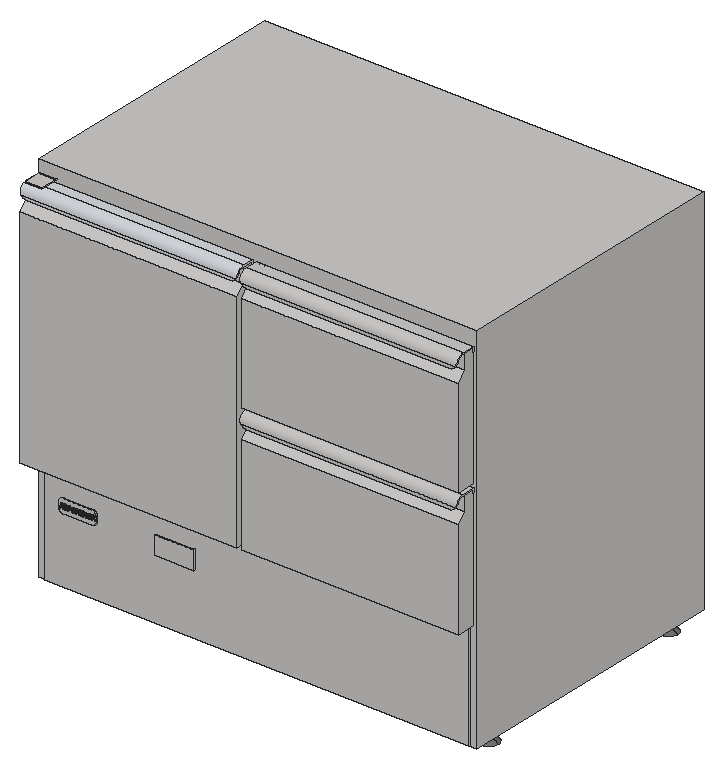
Revit family "QF_ALPENINOX_729017_ASAL25N12", category Specialty Equipment, Revit 2018 (continued)
Definition of nested family "APXST_PANEL"
  Automatic sketch dimensions
    Split face 61 sketch curve to Split face 61 sketch curve = 8 mm
    Split face 62 sketch curve to Extrusion 2 = 88.732 mm
    Split face 62 sketch curve to Extrusion 2 = 240 mm
    Split face 62 sketch curve to Split face 62 sketch curve = 50 mm
    Split face 62 sketch curve to Split face 62 sketch curve = 8 mm
    Split face 63 sketch curve to Extrusion 2 = 88.732 mm
    Split face 63 sketch curve to Extrusion 2 = 178 mm
    Split face 63 sketch curve to Split face 63 sketch curve = 50 mm
    Split face 63 sketch curve to Split face 63 sketch curve = 8 mm
    Split face 64 sketch curve to Extrusion 2 = 116 mm
    Split face 64 sketch curve to Split face 64 sketch curve = 50 mm
    Split face 64 sketch curve to Extrusion 2 = 88.732 mm
    Split face 64 sketch curve to Split face 64 sketch curve = 8 mm
    Split face 65 sketch curve to Extrusion 2 = 72.732 mm
    Split face 65 sketch curve to Extrusion 2 = 302 mm
    Split face 65 sketch curve to Split face 65 sketch curve = 50 mm
    Split face 65 sketch curve to Split face 65 sketch curve = 8 mm
    Split face 66 sketch curve to Extrusion 2 = 72.732 mm
    Split face 66 sketch curve to Extrusion 2 = 240 mm
    Split face 66 sketch curve to Split face 66 sketch curve = 50 mm
    Split face 66 sketch curve to Split face 66 sketch curve = 8 mm
    Split face 67 sketch curve to Extrusion 2 = 72.732 mm
    Split face 67 sketch curve to Extrusion 2 = 178 mm
    Split face 67 sketch curve to Split face 67 sketch curve = 50 mm
    Split face 67 sketch curve to Split face 67 sketch curve = 8 mm
    Split face 68 sketch curve to Extrusion 2 = 116 mm
    Split face 68 sketch curve to Split face 68 sketch curve = 50 mm
    Split face 68 sketch curve to Extrusion 2 = 72.732 mm
    Split face 68 sketch curve to Split face 68 sketch curve = 8 mm
    Split face 69 sketch curve to Extrusion 2 = 60.732 mm
    Split face 69 sketch curve to Extrusion 2 = 302 mm
    Split face 69 sketch curve to Split face 69 sketch curve = 50 mm
    Split face 69 sketch curve to Split face 69 sketch curve = 8 mm
    Split face 70 sketch curve to Extrusion 2 = 60.732 mm
    Split face 70 sketch curve to Extrusion 2 = 240 mm
    Split face 70 sketch curve to Split face 70 sketch curve = 50 mm
    Split face 70 sketch curve to Split face 70 sketch curve = 8 mm
    Split face 71 sketch curve to Extrusion 2 = 60.732 mm
    Split face 71 sketch curve to Extrusion 2 = 178 mm
    Split face 71 sketch curve to Split face 71 sketch curve = 50 mm
    Split face 71 sketch curve to Split face 71 sketch curve = 8 mm
    Split face 72 sketch curve to Extrusion 2 = 116 mm
    Split face 72 sketch curve to Split face 72 sketch curve = 50 mm
    Split face 72 sketch curve to Extrusion 2 = 60.732 mm
    Split face 72 sketch curve to Split face 72 sketch curve = 8 mm
    Split face 73 sketch curve to Extrusion 2 = 48.732 mm
    Split face 73 sketch curve to Extrusion 2 = 302 mm
    Split face 73 sketch curve to Split face 73 sketch curve = 50 mm
    Split face 73 sketch curve to Split face 73 sketch curve = 8 mm
    Split face 74 sketch curve to Extrusion 2 = 48.732 mm
    Split face 74 sketch curve to Extrusion 2 = 240 mm
    Split face 74 sketch curve to Split face 74 sketch curve = 50 mm
    Split face 74 sketch curve to Split face 74 sketch curve = 8 mm
    Split face 75 sketch curve to Extrusion 2 = 48.732 mm
    Split face 75 sketch curve to Extrusion 2 = 178 mm
    Split face 75 sketch curve to Split face 75 sketch curve = 50 mm
    Split face 75 sketch curve to Split face 75 sketch curve = 8 mm
    Split face 76 sketch curve to Extrusion 2 = 48.732 mm
    Split face 76 sketch curve to Extrusion 2 = 116 mm
    Split face 76 sketch curve to Split face 76 sketch curve = 50 mm
    Split face 76 sketch curve to Split face 76 sketch curve = 8 mm
    Split face 77 sketch curve to Extrusion 2 = 30 mm
    Split face 77 sketch curve to Extrusion 2 = 302 mm
    Split face 77 sketch curve to Split face 77 sketch curve = 50 mm
    Split face 77 sketch curve to Split face 77 sketch curve = 8 mm
    Split face 78 sketch curve to Extrusion 2 = 30 mm
    Split face 78 sketch curve to Extrusion 2 = 240 mm
    Split face 78 sketch curve to Split face 78 sketch curve = 50 mm
    Split face 78 sketch curve to Split face 78 sketch curve = 8 mm
    Split face 79 sketch curve to Extrusion 2 = 30 mm
    Split face 79 sketch curve to Extrusion 2 = 178 mm
    Split face 79 sketch curve to Split face 79 sketch curve = 50 mm
    Split face 79 sketch curve to Split face 79 sketch curve = 8 mm
    Split face 80 sketch curve to Extrusion 2 = 30 mm
    Split face 80 sketch curve to Extrusion 2 = 116 mm
    Split face 80 sketch curve to Split face 80 sketch curve = 50 mm
    Split face 80 sketch curve to Split face 80 sketch curve = 8 mm
    Split face 81 sketch curve to Extrusion 2 = 18 mm
    Split face 81 sketch curve to Extrusion 2 = 302 mm
    Split face 81 sketch curve to Split face 81 sketch curve = 50 mm
    Split face 81 sketch curve to Split face 81 sketch curve = 8 mm
    Split face 82 sketch curve to Extrusion 2 = 18 mm
    Split face 82 sketch curve to Extrusion 2 = 240 mm
    Split face 82 sketch curve to Split face 82 sketch curve = 50 mm
    Split face 82 sketch curve to Split face 82 sketch curve = 8 mm
    Split face 83 sketch curve to Extrusion 2 = 18 mm
    Split face 83 sketch curve to Extrusion 2 = 178 mm
    Split face 83 sketch curve to Split face 83 sketch curve = 50 mm
    Split face 83 sketch curve to Split face 83 sketch curve = 8 mm
    Split face 84 sketch curve to Extrusion 2 = 18 mm
    Split face 84 sketch curve to Extrusion 2 = 116 mm
    Split face 84 sketch curve to Split face 84 sketch curve = 50 mm
    Split face 84 sketch curve to Split face 84 sketch curve = 8 mm
    Split face 85 sketch curve to Extrusion 2 = 6 mm
    Split face 85 sketch curve to Extrusion 2 = 302 mm
    Split face 85 sketch curve to Split face 85 sketch curve = 50 mm
    Split face 85 sketch curve to Split face 85 sketch curve = 8 mm
    Split face 86 sketch curve to Extrusion 2 = 6 mm
    Split face 86 sketch curve to Extrusion 2 = 240 mm
    Split face 86 sketch curve to Split face 86 sketch curve = 50 mm
    Split face 86 sketch curve to Split face 86 sketch curve = 8 mm
    Split face 87 sketch curve to Extrusion 2 = 6 mm
    Split face 87 sketch curve to Extrusion 2 = 178 mm
    Split face 87 sketch curve to Split face 87 sketch curve = 50 mm
    Split face 87 sketch curve to Split face 87 sketch curve = 8 mm
    Split face 88 sketch curve to Extrusion 2 = 6 mm
    Split face 88 sketch curve to Extrusion 2 = 116 mm
    Split face 88 sketch curve to Split face 88 sketch curve = 50 mm
    Split face 88 sketch curve to Split face 88 sketch curve = 8 mm
    Split face 89 sketch curve to Extrusion 2 = 54 mm
    Split face 89 sketch curve to Extrusion 2 = 4 mm
    Split face 89 sketch curve to Extrusion 2 = 80.268 mm
    Split face 89 sketch curve to Split face 89 sketch curve = 8 mm
    Split face 90 sketch curve to Extrusion 2 = 54 mm
    Split face 90 sketch curve to Extrusion 2 = 4 mm
    Split face 90 sketch curve to Extrusion 2 = 92.268 mm
    Split face 90 sketch curve to Split face 90 sketch curve = 8 mm
    Split face 91 sketch curve to Extrusion 2 = 54 mm
    Split face 91 sketch curve to Extrusion 2 = 4 mm
    Split face 91 sketch curve to Extrusion 2 = 104.268 mm
    Split face 91 sketch curve to Split face 91 sketch curve = 8 mm
    Split face 92 sketch curve to Extrusion 2 = 54 mm
    Split face 92 sketch curve to Extrusion 2 = 4 mm
    Split face 92 sketch curve to Extrusion 2 = 112.732 mm
    Split face 92 sketch curve to Split face 92 sketch curve = 8 mm
    Split face 93 sketch curve to Extrusion 2 = 54 mm
    Split face 93 sketch curve to Extrusion 2 = 4 mm
    Split face 93 sketch curve to Extrusion 2 = 100.732 mm
    Split face 93 sketch curve to Split face 93 sketch curve = 8 mm
    Split face 94 sketch curve to Extrusion 2 = 54 mm
    Split face 94 sketch curve to Extrusion 2 = 4 mm
    Split face 94 sketch curve to Extrusion 2 = 88.732 mm
    Split face 94 sketch curve to Split face 94 sketch curve = 8 mm
    Split face 95 sketch curve to Extrusion 2 = 54 mm
    Split face 95 sketch curve to Extrusion 2 = 4 mm
    Split face 95 sketch curve to Extrusion 2 = 72.732 mm
    Split face 95 sketch curve to Split face 95 sketch curve = 8 mm
    Split face 96 sketch curve to Extrusion 2 = 54 mm
    Split face 96 sketch curve to Extrusion 2 = 4 mm
    Split face 96 sketch curve to Extrusion 2 = 60.732 mm
    Split face 96 sketch curve to Split face 96 sketch curve = 8 mm
    Split face 97 sketch curve to Extrusion 2 = 54 mm
    Split face 97 sketch curve to Extrusion 2 = 4 mm
    Split face 97 sketch curve to Extrusion 2 = 48.732 mm
    Split face 97 sketch curve to Split face 97 sketch curve = 8 mm
    Split face 98 sketch curve to Extrusion 2 = 54 mm
    Split face 98 sketch curve to Extrusion 2 = 4 mm
    Split face 98 sketch curve to Extrusion 2 = 30 mm
    Split face 98 sketch curve to Split face 98 sketch curve = 8 mm
    Split face 99 sketch curve to Extrusion 2 = 18 mm
    Split face 99 sketch curve to Extrusion 2 = 54 mm
    Split face 99 sketch curve to Extrusion 2 = 4 mm
    Split face 99 sketch curve to Split face 99 sketch curve = 8 mm
    Split face 100 sketch curve to Extrusion 2 = 6 mm
    Split face 100 sketch curve to Extrusion 2 = 54 mm
    Split face 100 sketch curve to Extrusion 2 = 4 mm
    Split face 100 sketch curve to Split face 100 sketch curve = 8 mm
    plane 4 to Extrusion 3 sketch curve = 47.328 mm
    Extrusion 3 sketch curve to Extrusion 3 sketch curve = 10 mm  (x3)
    Extrusion 3 sketch curve to Extrusion 3 sketch curve = 0 mm  (x2)
    Extrusion 3 sketch curve to Extrusion 3 sketch curve = 61.752 mm
    Extrusion 3 sketch curve to plane 1 "Center (Front/Back)" = 15.889 mm
    Extrusion 4 sketch curve to plane 1 "Center (Front/Back)" = 45.889 mm
    Extrusion 4 sketch curve to plane 3 "Center (Left/Right)" = 219 mm
    Extrusion 4 sketch curve to plane 1 "Center (Front/Back)" = 5.889 mm
    Extrusion 4 sketch curve to Extrusion 4 sketch curve = 84.976 mm
    Split face 101 sketch curve to Extrusion 4 = 3 mm
    Split face 101 sketch curve to Extrusion 4 = 5 mm  (x2)
    Split face 101 sketch curve to Extrusion 4 = 24 mm
    Split face 102 sketch curve to Extrusion 4 = 5 mm
    Split face 102 sketch curve to Extrusion 4 = 10 mm
    Split face 102 sketch curve to Extrusion 4 = 2 mm
    Split face 102 sketch curve to Split face 102 sketch curve = 12 mm
    Split face 103 sketch curve to Extrusion 4 = 5 mm
    Split face 103 sketch curve to Extrusion 4 = 20 mm
    Split face 103 sketch curve to Split face 103 sketch curve = 8 mm
    Split face 103 sketch curve to Split face 103 sketch curve = 12 mm
    Split face 104 sketch curve to Extrusion 4 = 10 mm
    Split face 104 sketch curve to Extrusion 4 = 2 mm
    Split face 104 sketch curve to Extrusion 4 = 5 mm
    Split face 104 sketch curve to Split face 104 sketch curve = 12 mm
    Split face 105 sketch curve to Extrusion 4 = 20 mm
    Split face 105 sketch curve to Split face 105 sketch curve = 8 mm
    Split face 105 sketch curve to Extrusion 4 = 5 mm
    Split face 105 sketch curve to Split face 105 sketch curve = 12 mm
    plane 4 to Extrusion 5 sketch curve = 50.025 mm
    Extrusion 5 sketch curve to Extrusion 5 sketch curve = 0.974 mm
    Extrusion 5 sketch curve to plane 1 "Center (Front/Back)" = 26.425 mm
    Extrusion 5 sketch curve to Extrusion 5 sketch curve = 1.005 mm
    Extrusion 5 sketch curve to Extrusion 5 sketch curve = 0.438 mm
    Extrusion 5 sketch curve to Extrusion 5 sketch curve = 0.456 mm
    Extrusion 5 sketch curve to Extrusion 5 sketch curve = 0.615 mm
    Extrusion 5 sketch curve to Extrusion 5 sketch curve = 1.531 mm  (x2)
    Extrusion 5 sketch curve to Extrusion 5 sketch curve = 0.003 mm
    Extrusion 5 sketch curve to Extrusion 5 sketch curve = 2.719 mm
    Extrusion 5 sketch curve to plane 1 "Center (Front/Back)" = 34.879 mm
    Extrusion 5 sketch curve to Extrusion 5 sketch curve = 0.642 mm
    Extrusion 5 sketch curve to plane 1 "Center (Front/Back)" = 26.44 mm
    Extrusion 5 sketch curve to Extrusion 5 sketch curve = 0.431 mm
    Extrusion 5 sketch curve to Extrusion 5 sketch curve = 0.976 mm
    Extrusion 5 sketch curve to plane 1 "Center (Front/Back)" = 27.162 mm
    Extrusion 5 sketch curve to Extrusion 5 sketch curve = 0.941 mm
    Extrusion 5 sketch curve to Extrusion 5 sketch curve = 1.034 mm
    Extrusion 5 sketch curve to Extrusion 5 sketch curve = 1.072 mm  (x2)
    Extrusion 5 sketch curve to Extrusion 5 sketch curve = 1.163 mm
    Extrusion 5 sketch curve to Extrusion 5 sketch curve = 2.546 mm
    Extrusion 5 sketch curve to Extrusion 5 sketch curve = 4.494 mm
    Extrusion 5 sketch curve to Extrusion 5 sketch curve = 1.107 mm
    Extrusion 5 sketch curve to Extrusion 5 sketch curve = 0 mm  (x15)
    Extrusion 5 sketch curve to Extrusion 5 sketch curve = 1.463 mm
    Extrusion 5 sketch curve to Extrusion 5 sketch curve = 0.04 mm
    Extrusion 5 sketch curve to Extrusion 5 sketch curve = 1.589 mm
    Extrusion 5 sketch curve to Extrusion 5 sketch curve = 0.498 mm
    Extrusion 5 sketch curve to Extrusion 5 sketch curve = 6.215 mm
    Extrusion 5 sketch curve to Extrusion 5 sketch curve = 0.056 mm
    Extrusion 5 sketch curve to Extrusion 5 sketch curve = 2.255 mm
    Extrusion 5 sketch curve to Extrusion 5 sketch curve = 0.164 mm
    Extrusion 5 sketch curve to Extrusion 5 sketch curve = 0.02 mm
    Extrusion 5 sketch curve to Extrusion 5 sketch curve = 0.202 mm
    Extrusion 5 sketch curve to Extrusion 5 sketch curve = 0.397 mm
    Extrusion 5 sketch curve to Extrusion 5 sketch curve = 0.274 mm
    Extrusion 5 sketch curve to Extrusion 5 sketch curve = 0.298 mm
    Extrusion 5 sketch curve to Extrusion 5 sketch curve = 0.229 mm
    Extrusion 5 sketch curve to Extrusion 5 sketch curve = 1.601 mm
    Extrusion 5 sketch curve to Extrusion 5 sketch curve = 1.897 mm
    Extrusion 5 sketch curve to Extrusion 5 sketch curve = 0.463 mm
    Extrusion 5 sketch curve to Extrusion 5 sketch curve = 0.785 mm
    Extrusion 5 sketch curve to Extrusion 5 sketch curve = 0.73 mm
    Extrusion 5 sketch curve to Extrusion 5 sketch curve = 1.329 mm
    Extrusion 5 sketch curve to Extrusion 5 sketch curve = 0.121 mm  (x2)
    Extrusion 5 sketch curve to Extrusion 5 sketch curve = 2.316 mm
    Extrusion 5 sketch curve to Extrusion 5 sketch curve = 1.074 mm  (x2)
    Extrusion 5 sketch curve to Extrusion 5 sketch curve = 1.091 mm  (x2)
    Extrusion 5 sketch curve to plane 1 "Center (Front/Back)" = 35.501 mm  (x2)
    Extrusion 5 sketch curve to Extrusion 5 sketch curve = 0.885 mm  (x2)
    Extrusion 5 sketch curve to Extrusion 5 sketch curve = 4.392 mm  (x2)
    Extrusion 5 sketch curve to plane 1 "Center (Front/Back)" = 26.171 mm  (x4)
    Extrusion 5 sketch curve to Extrusion 5 sketch curve = 0.172 mm  (x2)
    Extrusion 5 sketch curve to Extrusion 5 sketch curve = 0.884 mm  (x2)
    Extrusion 5 sketch curve to Extrusion 5 sketch curve = 1.073 mm  (x3)
    Extrusion 5 sketch curve to Extrusion 5 sketch curve = 1.341 mm
    Extrusion 5 sketch curve to Extrusion 5 sketch curve = 1.342 mm
    Extrusion 5 sketch curve to Extrusion 5 sketch curve = 5.357 mm
    Extrusion 5 sketch curve to Extrusion 5 sketch curve = 0.38 mm  (x3)
    Extrusion 5 sketch curve to Extrusion 5 sketch curve = 0.21 mm  (x2)
    Extrusion 5 sketch curve to Extrusion 5 sketch curve = 0.016 mm  (x3)
    Extrusion 5 sketch curve to Extrusion 5 sketch curve = 0.174 mm  (x2)
    Extrusion 5 sketch curve to Extrusion 5 sketch curve = 0.206 mm  (x2)
    Extrusion 5 sketch curve to Extrusion 5 sketch curve = 0.226 mm
    Extrusion 5 sketch curve to plane 1 "Center (Front/Back)" = 27.419 mm  (x2)
    Extrusion 5 sketch curve to Extrusion 5 sketch curve = 4.258 mm
    Extrusion 5 sketch curve to plane 1 "Center (Front/Back)" = 34.31 mm  (x2)
    Extrusion 5 sketch curve to Extrusion 5 sketch curve = 4.774 mm
    Extrusion 5 sketch curve to Extrusion 5 sketch curve = 0.853 mm  (x2)
    Extrusion 5 sketch curve to Extrusion 5 sketch curve = 0.852 mm  (x2)
    Extrusion 5 sketch curve to Extrusion 5 sketch curve = 0.878 mm  (x2)
    Extrusion 5 sketch curve to plane 1 "Center (Front/Back)" = 35.445 mm  (x2)
    Extrusion 5 sketch curve to Extrusion 5 sketch curve = 0.936 mm  (x2)
    Extrusion 5 sketch curve to plane 1 "Center (Front/Back)" = 31.189 mm  (x2)
    Extrusion 5 sketch curve to Extrusion 5 sketch curve = 2.318 mm
    Extrusion 5 sketch curve to plane 1 "Center (Front/Back)" = 32.95 mm
    Extrusion 5 sketch curve to Extrusion 5 sketch curve = 1.243 mm  (x3)
    Extrusion 5 sketch curve to plane 1 "Center (Front/Back)" = 29.404 mm
    Extrusion 5 sketch curve to Extrusion 5 sketch curve = 1.774 mm
    Extrusion 5 sketch curve to Extrusion 5 sketch curve = 2.346 mm
    Extrusion 5 sketch curve to Extrusion 5 sketch curve = 1.375 mm
    Extrusion 5 sketch curve to Extrusion 5 sketch curve = 0.327 mm
    Extrusion 5 sketch curve to Extrusion 5 sketch curve = 0.978 mm
    Extrusion 5 sketch curve to Extrusion 5 sketch curve = 0.043 mm
    Extrusion 5 sketch curve to Extrusion 5 sketch curve = 0.639 mm
    Extrusion 5 sketch curve to Extrusion 5 sketch curve = 1.347 mm
    Extrusion 5 sketch curve to Extrusion 5 sketch curve = 1.218 mm
    Extrusion 5 sketch curve to Extrusion 5 sketch curve = 0.864 mm
    Extrusion 5 sketch curve to Extrusion 5 sketch curve = 2.326 mm
    Extrusion 5 sketch curve to Extrusion 5 sketch curve = 2.656 mm  (x2)
    Extrusion 5 sketch curve to Extrusion 5 sketch curve = 1.957 mm
    Extrusion 5 sketch curve to Extrusion 5 sketch curve = 0.906 mm
    Extrusion 5 sketch curve to Extrusion 5 sketch curve = 2.509 mm
    Extrusion 5 sketch curve to Extrusion 5 sketch curve = 0.271 mm  (x2)
    Extrusion 5 sketch curve to Extrusion 5 sketch curve = 1.528 mm
    Extrusion 5 sketch curve to Extrusion 5 sketch curve = 0.132 mm
    Extrusion 5 sketch curve to Extrusion 5 sketch curve = 0.41 mm  (x2)
    Extrusion 5 sketch curve to Extrusion 5 sketch curve = 0.108 mm  (x4)
    Extrusion 5 sketch curve to Extrusion 5 sketch curve = 0.364 mm
    Extrusion 5 sketch curve to Extrusion 5 sketch curve = 0.238 mm  (x2)
    Extrusion 5 sketch curve to Extrusion 5 sketch curve = 0.058 mm
    Extrusion 5 sketch curve to Extrusion 5 sketch curve = 1.87 mm
    Extrusion 5 sketch curve to Extrusion 5 sketch curve = 1.532 mm
    Extrusion 5 sketch curve to Extrusion 5 sketch curve = 0.394 mm
    Extrusion 5 sketch curve to Extrusion 5 sketch curve = 0.518 mm
    Extrusion 5 sketch curve to Extrusion 5 sketch curve = 0.169 mm
    Extrusion 5 sketch curve to Extrusion 5 sketch curve = 0.299 mm
    Extrusion 5 sketch curve to Extrusion 5 sketch curve = 0.093 mm
    Extrusion 5 sketch curve to Extrusion 5 sketch curve = 0.459 mm
    Extrusion 5 sketch curve to Extrusion 5 sketch curve = 2.726 mm
    Extrusion 5 sketch curve to Extrusion 5 sketch curve = 0.524 mm
    Extrusion 5 sketch curve to Extrusion 5 sketch curve = 2.657 mm
    Extrusion 5 sketch curve to Extrusion 5 sketch curve = 1.242 mm
    Extrusion 5 sketch curve to Extrusion 5 sketch curve = 0.261 mm
    Extrusion 5 sketch curve to Extrusion 5 sketch curve = 0.995 mm
    Extrusion 5 sketch curve to Extrusion 5 sketch curve = 0.586 mm
    Extrusion 5 sketch curve to Extrusion 5 sketch curve = 0.766 mm
    Extrusion 5 sketch curve to Extrusion 5 sketch curve = 5.398 mm  (x2)
    Extrusion 5 sketch curve to Extrusion 5 sketch curve = 0.729 mm
    Extrusion 5 sketch curve to Extrusion 5 sketch curve = 2.952 mm
    Extrusion 5 sketch curve to Extrusion 5 sketch curve = 0.479 mm
    Extrusion 5 sketch curve to Extrusion 5 sketch curve = 0.832 mm
    Extrusion 5 sketch curve to Extrusion 5 sketch curve = 0.545 mm
    Extrusion 5 sketch curve to Extrusion 5 sketch curve = 0.068 mm
    Extrusion 5 sketch curve to Extrusion 5 sketch curve = 3.275 mm
    Extrusion 5 sketch curve to Extrusion 5 sketch curve = 3.343 mm  (x2)
    Extrusion 5 sketch curve to Extrusion 5 sketch curve = 1.982 mm
    Extrusion 5 sketch curve to Extrusion 5 sketch curve = 1.066 mm  (x4)
    Extrusion 5 sketch curve to Extrusion 5 sketch curve = 2.707 mm
    Extrusion 5 sketch curve to Extrusion 5 sketch curve = 1.641 mm  (x4)
    Extrusion 5 sketch curve to Extrusion 5 sketch curve = 4.31 mm
    Extrusion 5 sketch curve to Extrusion 5 sketch curve = 1.978 mm
    plane 4 to Extrusion 6 sketch curve = 50.025 mm
    Extrusion 6 sketch curve to Extrusion 6 sketch curve = 0.974 mm
    Extrusion 6 sketch curve to plane 1 "Center (Front/Back)" = 26.425 mm
    Extrusion 6 sketch curve to Extrusion 6 sketch curve = 1.005 mm
    Extrusion 6 sketch curve to Extrusion 6 sketch curve = 0.438 mm
    Extrusion 6 sketch curve to Extrusion 6 sketch curve = 0.456 mm
    Extrusion 6 sketch curve to Extrusion 6 sketch curve = 0.615 mm
    Extrusion 6 sketch curve to Extrusion 6 sketch curve = 1.531 mm  (x2)
    Extrusion 6 sketch curve to Extrusion 6 sketch curve = 0.003 mm
    Extrusion 6 sketch curve to Extrusion 6 sketch curve = 2.719 mm
    Extrusion 6 sketch curve to plane 1 "Center (Front/Back)" = 34.879 mm
    Extrusion 6 sketch curve to Extrusion 6 sketch curve = 0.642 mm
    Extrusion 6 sketch curve to plane 1 "Center (Front/Back)" = 26.44 mm
    Extrusion 6 sketch curve to Extrusion 6 sketch curve = 0.431 mm
    Extrusion 6 sketch curve to Extrusion 6 sketch curve = 0.976 mm
    Extrusion 6 sketch curve to plane 1 "Center (Front/Back)" = 27.162 mm
    Extrusion 6 sketch curve to Extrusion 6 sketch curve = 0.941 mm
    Extrusion 6 sketch curve to Extrusion 6 sketch curve = 1.034 mm
    Extrusion 6 sketch curve to Extrusion 6 sketch curve = 1.072 mm  (x2)
    Extrusion 6 sketch curve to Extrusion 6 sketch curve = 1.163 mm
    Extrusion 6 sketch curve to Extrusion 6 sketch curve = 2.546 mm
    Extrusion 6 sketch curve to Extrusion 6 sketch curve = 4.494 mm
    Extrusion 6 sketch curve to Extrusion 6 sketch curve = 1.107 mm
    Extrusion 6 sketch curve to Extrusion 6 sketch curve = 0 mm  (x15)
    Extrusion 6 sketch curve to Extrusion 6 sketch curve = 1.463 mm
    Extrusion 6 sketch curve to Extrusion 6 sketch curve = 0.04 mm
    Extrusion 6 sketch curve to Extrusion 6 sketch curve = 1.589 mm
    Extrusion 6 sketch curve to Extrusion 6 sketch curve = 0.498 mm
    Extrusion 6 sketch curve to Extrusion 6 sketch curve = 6.215 mm
    Extrusion 6 sketch curve to Extrusion 6 sketch curve = 0.056 mm
    Extrusion 6 sketch curve to Extrusion 6 sketch curve = 2.255 mm
    Extrusion 6 sketch curve to Extrusion 6 sketch curve = 0.164 mm
    Extrusion 6 sketch curve to Extrusion 6 sketch curve = 0.02 mm
    Extrusion 6 sketch curve to Extrusion 6 sketch curve = 0.202 mm
    Extrusion 6 sketch curve to Extrusion 6 sketch curve = 0.397 mm
    Extrusion 6 sketch curve to Extrusion 6 sketch curve = 0.274 mm
    Extrusion 6 sketch curve to Extrusion 6 sketch curve = 0.298 mm
    Extrusion 6 sketch curve to Extrusion 6 sketch curve = 0.229 mm
    Extrusion 6 sketch curve to Extrusion 6 sketch curve = 1.601 mm
    Extrusion 6 sketch curve to Extrusion 6 sketch curve = 1.897 mm
    Extrusion 6 sketch curve to Extrusion 6 sketch curve = 0.463 mm
    Extrusion 6 sketch curve to Extrusion 6 sketch curve = 0.785 mm
    Extrusion 6 sketch curve to Extrusion 6 sketch curve = 0.73 mm
    Extrusion 6 sketch curve to Extrusion 6 sketch curve = 1.329 mm
    Extrusion 6 sketch curve to Extrusion 6 sketch curve = 0.121 mm  (x2)
    Extrusion 6 sketch curve to Extrusion 6 sketch curve = 2.316 mm
    Extrusion 6 sketch curve to Extrusion 6 sketch curve = 1.074 mm  (x2)
    Extrusion 6 sketch curve to Extrusion 6 sketch curve = 1.091 mm  (x2)
    Extrusion 6 sketch curve to plane 1 "Center (Front/Back)" = 35.501 mm  (x2)
    Extrusion 6 sketch curve to Extrusion 6 sketch curve = 0.885 mm  (x2)
    Extrusion 6 sketch curve to Extrusion 6 sketch curve = 4.392 mm  (x2)
    Extrusion 6 sketch curve to plane 1 "Center (Front/Back)" = 26.171 mm  (x4)
    Extrusion 6 sketch curve to Extrusion 6 sketch curve = 0.172 mm  (x2)
    Extrusion 6 sketch curve to Extrusion 6 sketch curve = 0.884 mm  (x2)
    Extrusion 6 sketch curve to Extrusion 6 sketch curve = 1.073 mm  (x3)
    Extrusion 6 sketch curve to Extrusion 6 sketch curve = 1.341 mm
    Extrusion 6 sketch curve to Extrusion 6 sketch curve = 1.342 mm
    Extrusion 6 sketch curve to Extrusion 6 sketch curve = 5.357 mm
    Extrusion 6 sketch curve to Extrusion 6 sketch curve = 0.38 mm  (x3)
    Extrusion 6 sketch curve to Extrusion 6 sketch curve = 0.21 mm  (x2)
    Extrusion 6 sketch curve to Extrusion 6 sketch curve = 0.016 mm  (x3)
    Extrusion 6 sketch curve to Extrusion 6 sketch curve = 0.174 mm  (x2)
    Extrusion 6 sketch curve to Extrusion 6 sketch curve = 0.206 mm  (x2)
    Extrusion 6 sketch curve to Extrusion 6 sketch curve = 0.226 mm
    Extrusion 6 sketch curve to plane 1 "Center (Front/Back)" = 27.419 mm  (x2)
    Extrusion 6 sketch curve to Extrusion 6 sketch curve = 4.258 mm
    Extrusion 6 sketch curve to plane 1 "Center (Front/Back)" = 34.31 mm  (x2)
    Extrusion 6 sketch curve to Extrusion 6 sketch curve = 4.774 mm
    Extrusion 6 sketch curve to Extrusion 6 sketch curve = 0.853 mm  (x2)
    Extrusion 6 sketch curve to Extrusion 6 sketch curve = 0.852 mm  (x2)
    Extrusion 6 sketch curve to Extrusion 6 sketch curve = 0.878 mm  (x2)
    Extrusion 6 sketch curve to plane 1 "Center (Front/Back)" = 35.445 mm  (x2)
    Extrusion 6 sketch curve to Extrusion 6 sketch curve = 0.936 mm  (x2)
    Extrusion 6 sketch curve to plane 1 "Center (Front/Back)" = 31.189 mm  (x2)
    Extrusion 6 sketch curve to Extrusion 6 sketch curve = 2.318 mm
    Extrusion 6 sketch curve to plane 1 "Center (Front/Back)" = 32.95 mm
    Extrusion 6 sketch curve to Extrusion 6 sketch curve = 1.243 mm  (x3)
    Extrusion 6 sketch curve to plane 1 "Center (Front/Back)" = 29.404 mm
    Extrusion 6 sketch curve to Extrusion 6 sketch curve = 1.774 mm
    Extrusion 6 sketch curve to Extrusion 6 sketch curve = 2.346 mm
    Extrusion 6 sketch curve to Extrusion 6 sketch curve = 1.375 mm
    Extrusion 6 sketch curve to Extrusion 6 sketch curve = 0.327 mm
    Extrusion 6 sketch curve to Extrusion 6 sketch curve = 0.978 mm
    Extrusion 6 sketch curve to Extrusion 6 sketch curve = 0.043 mm
    Extrusion 6 sketch curve to Extrusion 6 sketch curve = 0.639 mm
    Extrusion 6 sketch curve to Extrusion 6 sketch curve = 1.347 mm
    Extrusion 6 sketch curve to Extrusion 6 sketch curve = 1.218 mm
    Extrusion 6 sketch curve to Extrusion 6 sketch curve = 0.864 mm
    Extrusion 6 sketch curve to Extrusion 6 sketch curve = 2.326 mm
    Extrusion 6 sketch curve to Extrusion 6 sketch curve = 2.656 mm  (x2)
    Extrusion 6 sketch curve to Extrusion 6 sketch curve = 1.957 mm
    Extrusion 6 sketch curve to Extrusion 6 sketch curve = 0.906 mm
    Extrusion 6 sketch curve to Extrusion 6 sketch curve = 2.509 mm
    Extrusion 6 sketch curve to Extrusion 6 sketch curve = 0.271 mm  (x2)
    Extrusion 6 sketch curve to Extrusion 6 sketch curve = 1.528 mm
    Extrusion 6 sketch curve to Extrusion 6 sketch curve = 0.132 mm
    Extrusion 6 sketch curve to Extrusion 6 sketch curve = 0.41 mm  (x2)
    Extrusion 6 sketch curve to Extrusion 6 sketch curve = 0.108 mm  (x4)
    Extrusion 6 sketch curve to Extrusion 6 sketch curve = 0.364 mm
    Extrusion 6 sketch curve to Extrusion 6 sketch curve = 0.238 mm  (x2)
    Extrusion 6 sketch curve to Extrusion 6 sketch curve = 0.058 mm
    Extrusion 6 sketch curve to Extrusion 6 sketch curve = 1.87 mm
    Extrusion 6 sketch curve to Extrusion 6 sketch curve = 1.532 mm
    Extrusion 6 sketch curve to Extrusion 6 sketch curve = 0.394 mm
    Extrusion 6 sketch curve to Extrusion 6 sketch curve = 0.518 mm
    Extrusion 6 sketch curve to Extrusion 6 sketch curve = 0.169 mm
    Extrusion 6 sketch curve to Extrusion 6 sketch curve = 0.299 mm
    Extrusion 6 sketch curve to Extrusion 6 sketch curve = 0.093 mm
    Extrusion 6 sketch curve to Extrusion 6 sketch curve = 0.459 mm
    Extrusion 6 sketch curve to Extrusion 6 sketch curve = 2.726 mm
    Extrusion 6 sketch curve to Extrusion 6 sketch curve = 0.524 mm
    Extrusion 6 sketch curve to Extrusion 6 sketch curve = 2.657 mm
    Extrusion 6 sketch curve to Extrusion 6 sketch curve = 1.242 mm
    Extrusion 6 sketch curve to Extrusion 6 sketch curve = 0.261 mm
    Extrusion 6 sketch curve to Extrusion 6 sketch curve = 0.995 mm
    Extrusion 6 sketch curve to Extrusion 6 sketch curve = 0.586 mm
    Extrusion 6 sketch curve to Extrusion 6 sketch curve = 0.766 mm
    Extrusion 6 sketch curve to Extrusion 6 sketch curve = 5.398 mm  (x2)
    Extrusion 6 sketch curve to Extrusion 6 sketch curve = 0.729 mm
    Extrusion 6 sketch curve to Extrusion 6 sketch curve = 2.952 mm
    Extrusion 6 sketch curve to Extrusion 6 sketch curve = 0.479 mm
    Extrusion 6 sketch curve to Extrusion 6 sketch curve = 0.832 mm
    Extrusion 6 sketch curve to Extrusion 6 sketch curve = 0.545 mm
    Extrusion 6 sketch curve to Extrusion 6 sketch curve = 0.068 mm
    Extrusion 6 sketch curve to Extrusion 6 sketch curve = 3.275 mm
    Extrusion 6 sketch curve to Extrusion 6 sketch curve = 3.343 mm  (x2)
    Extrusion 6 sketch curve to Extrusion 6 sketch curve = 1.982 mm
    Extrusion 6 sketch curve to Extrusion 6 sketch curve = 1.066 mm  (x4)
    Extrusion 6 sketch curve to Extrusion 6 sketch curve = 2.707 mm
    Extrusion 6 sketch curve to Extrusion 6 sketch curve = 1.641 mm  (x4)
    Extrusion 6 sketch curve to Extrusion 6 sketch curve = 4.31 mm
    Extrusion 6 sketch curve to Extrusion 6 sketch curve = 1.978 mm
    Split face 106 sketch curve to Extrusion 2 = 40.268 mm
    Split face 106 sketch curve to Extrusion 2 = 178 mm
    Split face 106 sketch curve to Split face 106 sketch curve = 50 mm
    Split face 106 sketch curve to Split face 106 sketch curve = 8 mm
    Split face 107 sketch curve to Extrusion 2 = 52.268 mm
    Split face 107 sketch curve to Extrusion 2 = 178 mm
    Split face 107 sketch curve to Split face 107 sketch curve = 50 mm
    Split face 107 sketch curve to Split face 107 sketch curve = 8 mm
    Split face 108 sketch curve to Extrusion 2 = 54 mm
    Split face 108 sketch curve to Extrusion 2 = 4 mm
    Split face 108 sketch curve to Extrusion 2 = 40.268 mm
    Split face 108 sketch curve to Split face 108 sketch curve = 8 mm
    Split face 109 sketch curve to Extrusion 2 = 54 mm
    Split face 109 sketch curve to Extrusion 2 = 4 mm
    Split face 109 sketch curve to Extrusion 2 = 52.268 mm
    Split face 109 sketch curve to Split face 109 sketch curve = 8 mm
    Split face 110 sketch curve to Extrusion 2 = 54 mm
    Split face 110 sketch curve to Extrusion 2 = 4 mm
    Split face 110 sketch curve to Extrusion 2 = 64.268 mm
    Split face 110 sketch curve to Split face 110 sketch curve = 8 mm
Definition of nested family "APXST_SD_L"
  Parameters
    Show Clearance [instance] = yes
    Default Elevation = 1219.2 mm
  Reference planes
    plane 1 "Center (Front/Back)": y = 0
    plane 2: z = 0
    plane 3 "Center (Left/Right)": x = 1
    plane 4: x = -234
    plane 5: x = 236
  Forms (mm)
    Extrusion 1, solid
      sketch origin (0, 0, 0) x (1, 0, 0) y (0, 1, 0)
        loop
          line (-399, 600) -> (-399, -455.983) -> (330.722, -455.983) -> (330.722, 600) -> (-399, 600)
      from 0 to -100.77
    Extrusion 2, solid
      sketch origin (1, 0, 10) x (0, 1, 0) y (0, 0, 1)
        loop
          line (-268.521, 0) -> (269.479, 0) -> (269.479, 22) -> (236.479, 22) -> (218.479, 40) -> (-268.521, 40) -> (-268.521, 0)
      from -235 to 235
    Extrusion 3, solid
      sketch origin (0, 0, 43.773) x (0, 1, 0) y (0, 0, 1)
        loop
          arc (252.97, 4.227) -> (264.462, -0.43) -> (269.471, -11.773) r 16.509
          line (269.471, -11.773) -> (269.479, -33.773) -> (262.43, -33.773) -> (262.43, -35.773) -> (271.479, -35.773) -> (271.479, -12.282)
          arc (271.479, -12.282) -> (266.058, 0.806) -> (252.97, 6.227) r 18.509
          line (252.97, 6.227) -> (245.597, 6.227) -> (245.597, 4.227) -> (252.97, 4.227)
      from -234 to 236
    Extrusion 4, solid
      sketch origin (-10, 588.982, 0) x (0, -1, 0) y (0, 0, 1)
        loop
          line (315.003, 40) -> (315.003, 2.948) -> (315.003, 0) -> (317.503, 0) -> (317.503, 40) -> (315.003, 40)
      from 185 to 220
    Extrusion 5, solid
      sketch origin (-5, 46.482, 0) x (0, -1, 0) y (0, 0, 1)
        loop
          line (315.003, 40) -> (315.003, 2.948) -> (315.003, 0) -> (317.503, 0) -> (317.503, 40) -> (315.003, 40)
      from 190 to 225
    Extrusion 6, solid, detail levels coarse
      sketch origin (0, 0, 0) x (1, 0, 0) y (0, 0, 1)
        loop
          line (-186.5, 50) -> (-186.5, 506) -> (-226.5, 506) -> (-226.5, 50) -> (-186.5, 50)
      from -271.479 to 268.521
    Extrusion 7, solid, detail levels coarse
      sketch origin (0, 0, 0) x (1, 0, 0) y (0, 0, 1)
        loop
          line (-186.5, 50) -> (234.337, 50)
          arc (234.337, 50) -> (115.038, 361.71) -> (-186.5, 504.784) r 448.645
          line (-186.5, 504.784) -> (-186.5, 50)
      from -271.479 to 268.521
    Extrusion 8, void
      sketch origin (0, 0, 0) x (1, 0, 0) y (0, 1, 0)
        loop
          line (236, 245.597) -> (236, 261.597)
          arc (236, 261.597) -> (231.314, 250.283) -> (220, 245.597) r 16
          line (220, 245.597) -> (236, 245.597)
        loop
          line (-234, 245.597) -> (-218, 245.597)
          arc (-218, 245.597) -> (-229.314, 250.283) -> (-234, 261.597) r 16
          line (-234, 261.597) -> (-234, 245.597)
      from 40 to 60
  Cuts and joins
    Extrusion 8 cuts Extrusion 3
    Extrusion 8 cuts Extrusion 6
  Lines and regions (mm)
    symbolic lines
      curve 1: line (236, 0, 0) -> (236, 0, 50)
      curve 2: line (-226.5, 0, 40) -> (-230, 0, 40)
      curve 3: line (-195, 0, 0) -> (-195, 0, 36)
      curve 4: line (-230, 0, 0) -> (-195, 0, 0)
      curve 5: line (-230, 0, 40) -> (-230, 0, 0)
      curve 6: line (-226.5, 0, 506) -> (-226.5, 0, 36)
      curve 7: line (-226.5, 0, 36) -> (-186.5, 0, 36)
      curve 8: line (-186.5, 0, 36) -> (-186.5, 0, 506)
      curve 9: line (-186.5, 0, 506) -> (-226.5, 0, 506)
      curve 10: arc (236, 0, 50) -> (116.144, 0, 362.68) -> (-186.5, 0, 506) r 450
  Dimensions and locks
    equal spacing: plane 4, plane 3 "Center (Left/Right)", plane 5, locked at 235 each
    aligned and locked: plane 2 to Extrusion 1
    aligned and locked: level to Extrusion 1
  Automatic sketch dimensions
    Extrusion 1 sketch curve to Extrusion 1 sketch curve = 729.722 mm
    Extrusion 1 sketch curve to Extrusion 1 sketch curve = 1055.983 mm
    level to Extrusion 2 sketch curve = 10 mm
    plane 1 "Center (Front/Back)" to Extrusion 2 sketch curve = 268.521 mm
    level to Extrusion 2 sketch curve = 50 mm
    Extrusion 2 sketch curve to plane 1 "Center (Front/Back)" = 218.479 mm
    level to Extrusion 2 sketch curve = 32 mm
    Extrusion 2 sketch curve to Extrusion 2 sketch curve = 18 mm
    Extrusion 2 sketch curve to Extrusion 2 sketch curve = 33 mm
    Extrusion 4 sketch curve to level = 0 mm
    level to Extrusion 4 sketch curve = 40 mm
    Extrusion 4 sketch curve to plane 1 "Center (Front/Back)" = 273.979 mm
    Extrusion 4 sketch curve to Extrusion 4 sketch curve = 2.5 mm
    Extrusion 4 sketch curve to Extrusion 4 sketch curve = 2.948 mm
    Extrusion 5 sketch curve to level = 0 mm
    level to Extrusion 5 sketch curve = 40 mm
    plane 1 "Center (Front/Back)" to Extrusion 5 sketch curve = 268.521 mm
    Extrusion 5 sketch curve to Extrusion 5 sketch curve = 2.5 mm
    Extrusion 5 sketch curve to Extrusion 5 sketch curve = 2.948 mm
    Extrusion 3 sketch curve to Extrusion 3 sketch curve = 0 mm  (x2)
    level to Extrusion 3 sketch curve = 50 mm
    Extrusion 3 sketch curve to plane 1 "Center (Front/Back)" = 245.597 mm
    Extrusion 3 sketch curve to Extrusion 3 sketch curve = 7.373 mm
    level to Extrusion 3 sketch curve = 8 mm
    Extrusion 3 sketch curve to Extrusion 3 sketch curve = 9.46 mm
    Extrusion 3 sketch curve to Extrusion 3 sketch curve = 9.049 mm
    Extrusion 3 sketch curve to Extrusion 3 sketch curve = 2 mm  (x2)
    Extrusion 3 sketch curve to Extrusion 3 sketch curve = 2.008 mm
    Extrusion 3 sketch curve to Extrusion 3 sketch curve = 0.008 mm
    Extrusion 3 sketch curve to Extrusion 3 sketch curve = 0.011 mm
    curve 5 to level = 0 mm
    curve 10 to plane 5 = 0 mm
    curve 1 to level = 0 mm
    plane 4 to curve 5 = 4 mm
    plane 4 to curve 9 = 7.5 mm
    plane 4 to curve 10 = 20.052 mm
    curve 4 to curve 3 = 35 mm
    curve 3 to curve 8 = 8.5 mm
    level to curve 8 = 36 mm
    curve 6 to curve 2 = 4 mm
    level to curve 1 = 50 mm
    curve 2 to curve 10 = 16.838 mm
    plane 4 to Extrusion 6 sketch curve = 7.5 mm
    Extrusion 6 sketch curve to Extrusion 6 sketch curve = 40 mm
    level to Extrusion 6 sketch curve = 506 mm
    level to Extrusion 6 sketch curve = 50 mm
    Extrusion 7 sketch curve to plane 5 = 1.663 mm
    plane 4 to Extrusion 7 sketch curve = 19.746 mm
    level to Extrusion 7 sketch curve = 50 mm
    Extrusion 7 sketch curve to Extrusion 7 sketch curve = 6.998 mm
    Extrusion 7 sketch curve to Extrusion 7 sketch curve = 27.754 mm
    Extrusion 8 sketch curve to plane 4 = 0 mm
    Extrusion 8 sketch curve to plane 5 = 0 mm
    plane 4 to Extrusion 8 sketch curve = 16 mm
    Extrusion 8 sketch curve to Extrusion 8 sketch curve = 16 mm
    Extrusion 8 sketch curve to plane 1 "Center (Front/Back)" = 245.597 mm  (x2)
Definition of nested family "APXST_HALF"
  Parameters
    Show Clearance [instance] = yes
    Default Elevation = 1219.2 mm
  Reference planes
    plane 1 "Center (Front/Back)": y = 0
    plane 2: z = 0
    plane 3 "Center (Left/Right)": x = 1
    plane 4: x = -234
    plane 5: x = 236
  Forms (mm)
    Extrusion 1, solid
      sketch origin (0, 0, 0) x (1, 0, 0) y (0, 1, 0)
        loop
          line (-399, 600) -> (-399, -455.983) -> (330.722, -455.983) -> (330.722, 600) -> (-399, 600)
      from 0 to -100.77
    Extrusion 2, solid
      sketch origin (1, 0, 10) x (0, 1, 0) y (0, 0, 1)
        loop
          line (5.479, 0) -> (269.479, 0) -> (269.479, 22) -> (236.479, 22) -> (218.479, 40) -> (5.479, 40) -> (5.479, 0)
      from -235 to 235
    Extrusion 3, solid
      sketch origin (0, 0, 43.773) x (0, 1, 0) y (0, 0, 1)
        loop
          arc (252.97, 9.227) -> (264.644, 4.391) -> (269.479, -7.282) r 16.509
          line (269.479, -7.282) -> (269.479, -33.773) -> (262.43, -33.773) -> (262.43, -35.773) -> (271.479, -35.773) -> (271.479, -7.282)
          arc (271.479, -7.282) -> (266.058, 5.806) -> (252.97, 11.227) r 18.509
          line (252.97, 11.227) -> (245.597, 11.227) -> (245.597, 9.227) -> (252.97, 9.227)
      from -234 to 236
    Extrusion 4, void
      sketch origin (0, 0, 0) x (1, 0, 0) y (0, 1, 0)
        loop
          line (236, 245.597) -> (236, 261.597)
          arc (236, 261.597) -> (231.314, 250.283) -> (220, 245.597) r 16
          line (220, 245.597) -> (236, 245.597)
        loop
          line (-234, 245.597) -> (-218, 245.597)
          arc (-218, 245.597) -> (-229.314, 250.283) -> (-234, 261.597) r 16
          line (-234, 261.597) -> (-234, 245.597)
      from 40 to 60
    Extrusion 5, solid
      sketch origin (1, -274, 10) x (0, 1, 0) y (0, 0, 1)
        loop
          line (5.479, 0) -> (269.479, 0) -> (269.479, 22) -> (236.479, 22) -> (218.479, 40) -> (5.479, 40) -> (5.479, 0)
      from -235 to 235
    Extrusion 6, solid
      sketch origin (0, -274, 43.773) x (0, 1, 0) y (0, 0, 1)
        loop
          arc (252.97, 9.227) -> (264.644, 4.391) -> (269.479, -7.282) r 16.509
          line (269.479, -7.282) -> (269.479, -33.773) -> (262.43, -33.773) -> (262.43, -35.773) -> (271.479, -35.773) -> (271.479, -7.282)
          arc (271.479, -7.282) -> (266.058, 5.806) -> (252.97, 11.227) r 18.509
          line (252.97, 11.227) -> (245.597, 11.227) -> (245.597, 9.227) -> (252.97, 9.227)
      from -234 to 236
    Extrusion 7, void
      sketch origin (0, -274, 0) x (1, 0, 0) y (0, 1, 0)
        loop
          line (236, 245.597) -> (236, 261.597)
          arc (236, 261.597) -> (231.314, 250.283) -> (220, 245.597) r 16
          line (220, 245.597) -> (236, 245.597)
        loop
          line (-234, 245.597) -> (-218, 245.597)
          arc (-218, 245.597) -> (-229.314, 250.283) -> (-234, 261.597) r 16
          line (-234, 261.597) -> (-234, 245.597)
      from 40 to 60
    Extrusion 8, solid, detail levels coarse
      sketch origin (1, 0, 641) x (0, 1, 0) y (0, 0, 1)
        loop
          line (5.479, 0) -> (269.479, 0) -> (269.479, 22) -> (236.479, 22) -> (218.479, 40) -> (5.479, 40) -> (5.479, 0)
      from -235 to 235
    Extrusion 9, solid, detail levels coarse
      sketch origin (0, 0, 674.773) x (0, 1, 0) y (0, 0, 1)
        loop
          arc (252.97, 9.227) -> (264.644, 4.391) -> (269.479, -7.282) r 16.509
          line (269.479, -7.282) -> (269.479, -33.773) -> (262.43, -33.773) -> (262.43, -35.773) -> (271.479, -35.773) -> (271.479, -7.282)
          arc (271.479, -7.282) -> (266.058, 5.806) -> (252.97, 11.227) r 18.509
          line (252.97, 11.227) -> (245.597, 11.227) -> (245.597, 9.227) -> (252.97, 9.227)
      from -234 to 236
    Extrusion 10, solid, detail levels coarse
      sketch origin (1, -274, 641) x (0, 1, 0) y (0, 0, 1)
        loop
          line (5.479, 0) -> (269.479, 0) -> (269.479, 22) -> (236.479, 22) -> (218.479, 40) -> (5.479, 40) -> (5.479, 0)
      from -235 to 235
    Extrusion 11, solid, detail levels coarse
      sketch origin (0, -274, 674.773) x (0, 1, 0) y (0, 0, 1)
        loop
          arc (252.97, 9.227) -> (264.644, 4.391) -> (269.479, -7.282) r 16.509
          line (269.479, -7.282) -> (269.479, -33.773) -> (262.43, -33.773) -> (262.43, -35.773) -> (271.479, -35.773) -> (271.479, -7.282)
          arc (271.479, -7.282) -> (266.058, 5.806) -> (252.97, 11.227) r 18.509
          line (252.97, 11.227) -> (245.597, 11.227) -> (245.597, 9.227) -> (252.97, 9.227)
      from -234 to 236
    Extrusion 12, solid, detail levels coarse
      sketch origin (1, 0, 0) x (0, 1, 0) y (0, 0, 1)
        loop
          line (-68.521, 639) -> (-233.521, 639) -> (-233.521, 86) -> (-68.521, 86) -> (-68.521, 639)
      from -155 to 155
    Extrusion 13, solid, detail levels coarse
      sketch origin (1, 0, 0) x (0, 1, 0) y (0, 0, 1)
        loop
          line (-208.521, 86) -> (-208.521, 50) -> (-148.521, 50) -> (-148.521, 86) -> (-208.521, 86)
      from -155 to 155
    Extrusion 14, solid, detail levels coarse
      sketch origin (1, 274, 0) x (0, 1, 0) y (0, 0, 1)
        loop
          line (-68.521, 639) -> (-233.521, 639) -> (-233.521, 86) -> (-68.521, 86) -> (-68.521, 639)
      from -155 to 155
    Extrusion 15, solid, detail levels coarse
      sketch origin (1, 274, 0) x (0, 1, 0) y (0, 0, 1)
        loop
          line (-208.521, 86) -> (-208.521, 50) -> (-148.521, 50) -> (-148.521, 86) -> (-208.521, 86)
      from -155 to 155
    Extrusion 16, solid
      sketch origin (1, 0, 0) x (0, 1, 0) y (0, 0, 1)
        loop
          line (40.479, 10) -> (40.479, 0) -> (205.479, 0) -> (205.479, 10) -> (40.479, 10)
        loop
          line (-68.521, 10) -> (-233.521, 10) -> (-233.521, 0) -> (-68.521, 0) -> (-68.521, 10)
      from 155 to -155
  Cuts and joins
    Extrusion 4, Extrusion 7 cuts Extrusion 3
    Extrusion 7 cuts Extrusion 6
  Lines and regions (mm)
    symbolic lines
      curve 1: line (-234, 0, 52.853) -> (-234, 0, 8)
      curve 2: line (236, 0, 8) -> (236, 0, 52.87)
      curve 3: line (-234, 0, 686) -> (236, 0, 686)
      curve 4: line (-234, 0, 639) -> (-234, 0, 686)
      curve 5: line (236, 0, 639) -> (-234, 0, 639)
      curve 6: line (236, 0, 686) -> (236, 0, 639)
      curve 7: line (-154, 0, 639) -> (-154, 0, 55)
      curve 8: line (156, 0, 639) -> (156, 0, 55)
      curve 9: line (-234, 0, 8) -> (236, 0, 8)
      curve 10: line (-231.478, 0, 55) -> (233.453, 0, 55)
      curve 11: spline (233.453, 0, 55) -> (233.867, 0, 54.989) -> (234.248, 0, 54.946) -> (234.595, 0, 54.872) -> (234.906, 0, 54.766) -> (235.18, 0, 54.63) -> (235.417, 0, 54.463) -> (235.614, 0, 54.267) -> (235.772, 0, 54.041) -> (235.89, 0, 53.788) -> (235.968, 0, 53.508) -> (236.004, 0, 53.201) -> (236, 0, 52.87)
      curve 12: spline (-234, 0, 52.853) -> (-233.988, 0, 53.208) -> (-233.938, 0, 53.534) -> (-233.851, 0, 53.83) -> (-233.727, 0, 54.095) -> (-233.565, 0, 54.328) -> (-233.368, 0, 54.528) -> (-233.136, 0, 54.694) -> (-232.868, 0, 54.826) -> (-232.568, 0, 54.922) -> (-232.235, 0, 54.984) -> (-231.872, 0, 55.01) -> (-231.478, 0, 55)
      curve 13: line (-154, 0, 0) -> (-154, 0, 8)
      curve 14: line (156, 0, 0) -> (156, 0, 8)
  Dimensions and locks
    equal spacing: plane 4, plane 3 "Center (Left/Right)", plane 5, locked at 235 each
    aligned and locked: plane 2 to Extrusion 1
    aligned and locked: level to Extrusion 1
  Automatic sketch dimensions
    Extrusion 1 sketch curve to Extrusion 1 sketch curve = 729.722 mm
    Extrusion 1 sketch curve to Extrusion 1 sketch curve = 1055.983 mm
    Extrusion 2 sketch curve to plane 1 "Center (Front/Back)" = 5.479 mm
    level to Extrusion 2 sketch curve = 50 mm
    Extrusion 2 sketch curve to Extrusion 2 sketch curve = 213 mm
    level to Extrusion 2 sketch curve = 32 mm
    Extrusion 2 sketch curve to Extrusion 2 sketch curve = 18 mm
    level to Extrusion 2 sketch curve = 10 mm
    Extrusion 2 sketch curve to Extrusion 2 sketch curve = 33 mm
    Extrusion 3 sketch curve to Extrusion 3 sketch curve = 0 mm  (x2)
    level to Extrusion 3 sketch curve = 55 mm
    Extrusion 3 sketch curve to plane 1 "Center (Front/Back)" = 245.597 mm
    Extrusion 3 sketch curve to Extrusion 3 sketch curve = 7.373 mm
    level to Extrusion 3 sketch curve = 8 mm
    Extrusion 3 sketch curve to Extrusion 3 sketch curve = 9.46 mm
    Extrusion 3 sketch curve to Extrusion 3 sketch curve = 7.049 mm
    Extrusion 3 sketch curve to Extrusion 3 sketch curve = 2 mm  (x2)
    Extrusion 4 sketch curve to plane 4 = 0 mm
    Extrusion 4 sketch curve to plane 5 = 0 mm
    plane 4 to Extrusion 4 sketch curve = 16 mm
    Extrusion 4 sketch curve to Extrusion 4 sketch curve = 16 mm
    Extrusion 4 sketch curve to plane 1 "Center (Front/Back)" = 245.597 mm  (x2)
    level to Extrusion 5 sketch curve = 10 mm
    plane 1 "Center (Front/Back)" to Extrusion 5 sketch curve = 268.521 mm
    plane 1 "Center (Front/Back)" to Extrusion 5 sketch curve = 55.521 mm
    Extrusion 5 sketch curve to Extrusion 5 sketch curve = 18 mm  (x2)
    plane 1 "Center (Front/Back)" to Extrusion 5 sketch curve = 4.521 mm
    Extrusion 5 sketch curve to Extrusion 5 sketch curve = 22 mm
    Extrusion 6 sketch curve to Extrusion 6 sketch curve = 0 mm  (x2)
    plane 1 "Center (Front/Back)" to Extrusion 6 sketch curve = 28.403 mm
    Extrusion 6 sketch curve to Extrusion 6 sketch curve = 7.373 mm
    plane 1 "Center (Front/Back)" to Extrusion 6 sketch curve = 11.57 mm
    plane 1 "Center (Front/Back)" to Extrusion 6 sketch curve = 4.521 mm
    plane 1 "Center (Front/Back)" to Extrusion 6 sketch curve = 2.521 mm
    level to Extrusion 6 sketch curve = 8 mm
    Extrusion 6 sketch curve to Extrusion 6 sketch curve = 2 mm
    Extrusion 6 sketch curve to Extrusion 6 sketch curve = 26.491 mm
    Extrusion 7 sketch curve to plane 4 = 0 mm
    Extrusion 7 sketch curve to plane 5 = 0 mm
    plane 4 to Extrusion 7 sketch curve = 16 mm
    Extrusion 7 sketch curve to plane 5 = 16 mm
    plane 1 "Center (Front/Back)" to Extrusion 7 sketch curve = 28.403 mm  (x2)
    Extrusion 8 sketch curve to plane 1 "Center (Front/Back)" = 5.479 mm
    Extrusion 8 sketch curve to Extrusion 8 sketch curve = 213 mm
    Extrusion 8 sketch curve to Extrusion 8 sketch curve = 18 mm  (x2)
    Extrusion 8 sketch curve to Extrusion 8 sketch curve = 33 mm
    level to Extrusion 8 sketch curve = 641 mm
    Extrusion 8 sketch curve to Extrusion 8 sketch curve = 22 mm
    Extrusion 9 sketch curve to Extrusion 9 sketch curve = 0 mm  (x2)
    Extrusion 9 sketch curve to plane 1 "Center (Front/Back)" = 245.597 mm
    Extrusion 9 sketch curve to Extrusion 9 sketch curve = 7.373 mm
    Extrusion 9 sketch curve to Extrusion 9 sketch curve = 9.46 mm
    Extrusion 9 sketch curve to Extrusion 9 sketch curve = 7.049 mm
    Extrusion 9 sketch curve to Extrusion 9 sketch curve = 2 mm  (x2)
    level to Extrusion 9 sketch curve = 639 mm
    Extrusion 9 sketch curve to Extrusion 9 sketch curve = 26.491 mm
    plane 1 "Center (Front/Back)" to Extrusion 10 sketch curve = 268.521 mm
    plane 1 "Center (Front/Back)" to Extrusion 10 sketch curve = 55.521 mm
    Extrusion 10 sketch curve to Extrusion 10 sketch curve = 18 mm  (x2)
    plane 1 "Center (Front/Back)" to Extrusion 10 sketch curve = 4.521 mm
    level to Extrusion 10 sketch curve = 641 mm
    Extrusion 10 sketch curve to Extrusion 10 sketch curve = 22 mm
    Extrusion 11 sketch curve to Extrusion 11 sketch curve = 0 mm  (x2)
    plane 1 "Center (Front/Back)" to Extrusion 11 sketch curve = 28.403 mm
    Extrusion 11 sketch curve to Extrusion 11 sketch curve = 7.373 mm
    plane 1 "Center (Front/Back)" to Extrusion 11 sketch curve = 11.57 mm
    plane 1 "Center (Front/Back)" to Extrusion 11 sketch curve = 4.521 mm
    plane 1 "Center (Front/Back)" to Extrusion 11 sketch curve = 2.521 mm
    level to Extrusion 11 sketch curve = 639 mm
    Extrusion 11 sketch curve to Extrusion 11 sketch curve = 2 mm
    Extrusion 11 sketch curve to Extrusion 11 sketch curve = 26.491 mm
    plane 1 "Center (Front/Back)" to Extrusion 12 sketch curve = 233.521 mm
    plane 1 "Center (Front/Back)" to Extrusion 12 sketch curve = 68.521 mm
    level to Extrusion 12 sketch curve = 86 mm
    Extrusion 12 sketch curve to Extrusion 12 sketch curve = 553 mm
    level to Extrusion 13 sketch curve = 50 mm
    plane 1 "Center (Front/Back)" to Extrusion 13 sketch curve = 208.521 mm
    Extrusion 13 sketch curve to Extrusion 13 sketch curve = 60 mm
    Extrusion 13 sketch curve to Extrusion 13 sketch curve = 36 mm
    Extrusion 14 sketch curve to plane 1 "Center (Front/Back)" = 40.479 mm
    Extrusion 14 sketch curve to Extrusion 14 sketch curve = 165 mm
    level to Extrusion 14 sketch curve = 86 mm
    Extrusion 14 sketch curve to Extrusion 14 sketch curve = 553 mm
    Extrusion 15 sketch curve to plane 1 "Center (Front/Back)" = 65.479 mm
    Extrusion 15 sketch curve to Extrusion 15 sketch curve = 60 mm
    level to Extrusion 15 sketch curve = 50 mm
    Extrusion 15 sketch curve to Extrusion 15 sketch curve = 36 mm
    Extrusion 16 sketch curve to level = 0 mm  (x2)
    level to Extrusion 16 sketch curve = 10 mm  (x2)
    plane 1 "Center (Front/Back)" to Extrusion 16 sketch curve = 233.521 mm
    plane 1 "Center (Front/Back)" to Extrusion 16 sketch curve = 68.521 mm
    Extrusion 16 sketch curve to plane 1 "Center (Front/Back)" = 40.479 mm
    Extrusion 16 sketch curve to Extrusion 16 sketch curve = 165 mm
    curve 1 to plane 4 = 0 mm
    curve 3 to plane 4 = 0 mm
    curve 13 to level = 0 mm
    curve 14 to level = 0 mm
    curve 11 to plane 5 = 0 mm
    curve 6 to plane 5 = 0 mm
    plane 4 to curve 10 = 2.522 mm
    curve 10 to plane 5 = 2.547 mm
    level to curve 2 = 8 mm
    curve 1 to curve 1 = 44.853 mm
    curve 2 to curve 2 = 44.87 mm
    curve 12 to curve 10 = 2.147 mm
    curve 12 to curve 4 = 584 mm
    curve 4 to curve 3 = 47 mm
    plane 4 to curve 12 = 0.495 mm
    plane 4 to curve 12 = 9.836 mm
    plane 4 to curve 13 = 80 mm
    curve 7 to curve 13 = 0 mm
    curve 14 to plane 5 = 80 mm
    curve 8 to curve 14 = 0 mm
    curve 11 to plane 5 = 10.677 mm
    curve 11 to plane 5 = 0.31 mm
Definition of nested family "Refrigerator"
  Reference planes
    plane 1 "Center (Front/Back)": y = 0
    plane 2: z = 0
    plane 3 "Center (Left/Right)": x = 0
  Lines and regions (mm)
    detail lines, in view "Ref. Level"
      curve 1: spline (-500, 190, 0) -> (-493.185, 166.706, 0) -> (-473.205, 145, 0) -> (-441.421, 126.36, 0) -> (-400, 112.058, 0) -> (-351.764, 103.067, 0) -> (-300, 100, 0) -> (-248.236, 103.067, 0) -> (-200, 112.058, 0) -> (-158.579, 126.36, 0) -> (-126.795, 145, 0) -> (-106.815, 166.706, 0) -> (-100, 190, 0) -> (-106.815, 213.294, 0) -> (-126.795, 235, 0) -> (-158.579, 253.64, 0) -> (-200, 267.942, 0) -> (-248.236, 276.933, 0) -> (-300, 280, 0) -> (-351.764, 276.933, 0) -> (-400, 267.942, 0) -> (-441.421, 253.64, 0) -> (-473.205, 235, 0) -> (-493.185, 213.294, 0) -> (-500, 190, 0)
      curve 2: line (-300, 130, 0) -> (-300, 250, 0)
      curve 3: line (-351.962, 220, 0) -> (-248.038, 160, 0)
      curve 4: line (-351.962, 160, 0) -> (-248.038, 220, 0)
      curve 5: line (-280.884, 246.873, 0) -> (-300, 225, 0)
      curve 6: line (-300, 225, 0) -> (-319.116, 246.873, 0)
      curve 7: line (-330.311, 207.5, 0) -> (-339.696, 234.992, 0)
      curve 8: line (-358.812, 201.882, 0) -> (-330.311, 207.5, 0)
      curve 9: line (-330.311, 172.5, 0) -> (-358.812, 178.118, 0)
      curve 10: line (-339.696, 145.008, 0) -> (-330.311, 172.5, 0)
      curve 11: line (-300, 155, 0) -> (-319.116, 133.127, 0)
      curve 12: line (-280.884, 133.127, 0) -> (-300, 155, 0)
      curve 13: line (-269.689, 172.5, 0) -> (-260.304, 145.008, 0)
      curve 14: line (-241.188, 178.118, 0) -> (-269.689, 172.5, 0)
      curve 15: line (-269.689, 207.5, 0) -> (-241.188, 201.882, 0)
      curve 16: line (-260.304, 234.992, 0) -> (-269.689, 207.5, 0)
